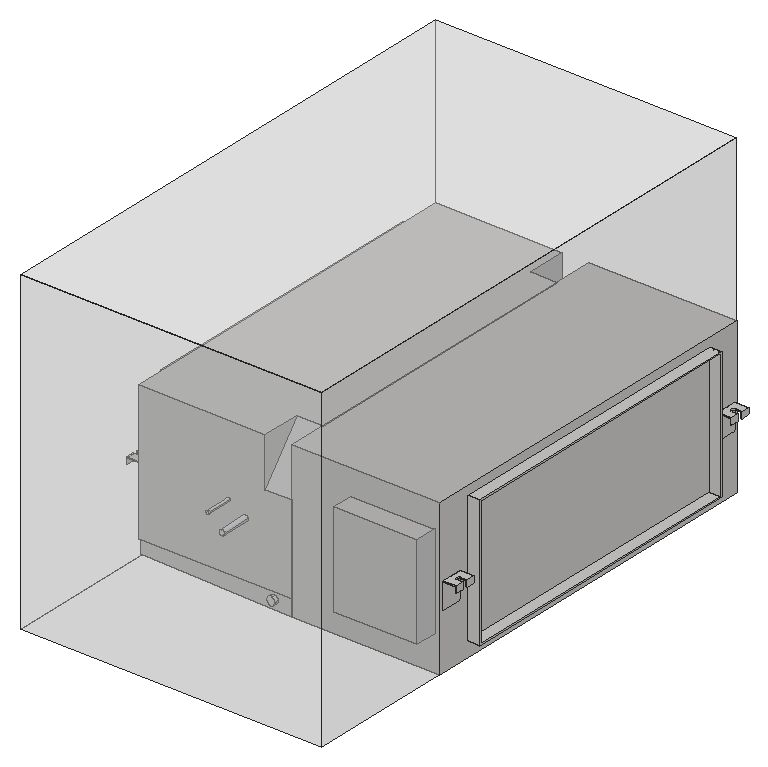
Revit family "outputfile", category 機械設備, Revit 2024
Family settings
  丸型コネクタ寸法 = 半径を使用
  パーツ タイプ = 標準
  OmniClass 番号 = 23.75.10.24.21.27.27
  OmniClass タイトル = Split System Air Conditioning Units
  作業面ベース = いいえ
  常に垂直 = はい
  ロード時にボイドで切り取り = いいえ
  注釈の向きを維持 = いいえ
  共有 = いいえ
  部屋計算ポイント = はい
Parameters (values of type "FXMQ160PV1A")
  Description = ""
  製造元 = "Daikin"
  書き出し IFC クラス(タイプ) = "IfcUnitaryEquipmentType"
  定義済み IFC タイプ(タイプ) = "AIRCONDITIONINGUNIT"
  Cost = 0
  モデル = "FXMQ160PV1A"
  Type Comments = ""
  Keynote = ""
  Type Image = (empty or 0)
  Assembly Code = ""
  lw_suctionflange = 922.0 mm
  r_Liquid Pipe Size = Liquid Pipe Size / 2  # 4.75 mm
  r_Gas Pipe Size = Gas Pipe Size / 2  # 7.95 mm
  r_Drain Pipe Size = Drain Pipe Size / 2  # 12.5 mm
  lw_power = 230.0 mm  # constant formula
  lw_dischargeflange = 58.0 mm  # constant formula
  lh_power = 394.0 mm  # constant formula
  lh_mountinghole1 = lh_mountinghole + [h***]  # 254.0 mm
  lh_dischargeflange = 110.0 mm  # constant formula
  ld_power = 33.5 mm  # constant formula
  ld_dischargeflange = 70.0 mm  # constant formula
  Voltage_comment_50Hz = "220-240"
  Voltage_50Hz = 220 V
  URL = ""
  Supply Air Direction [instance] = yes
  Sound Power Level_H speed (dB) = 0
  Phase_50Hz = 1
  Minimum External Static Pressure = 0.00 Pa
  Minimum Circuit Amps_50Hz = 7.4 A
  Maximum Fuse Amps_50Hz = 15.0 A
  Maximum External Static Pressure = 217.00 Pa
  Material_Casing = DAIKIN_GalvanizedSteel_Casing_indoorunit
  lw_mountinghole = 972.0 mm  # constant formula
  lh_gaspipe = 221.5 mm  # constant formula
  lh_mountinghole = 254.0 mm  # constant formula
  lh_liquidpipe = 254.0 mm  # constant formula
  lh_drainpipe = 30.0 mm  # constant formula
  lh_antena = Height - lh_mountinghole + 1.0 mm  # 217.0 mm
  ld_drainpipe = 10.0 mm  # constant formula
  ld_liquidpipe = 79.0 mm  # constant formula
  ld_gaspipe = 89.0 mm  # constant formula
  ld_mountinghole = 1048.0 mm
  h*** = 0.0 mm  # constant formula
  lw_liquidpipe = 275.0 mm  # constant formula
  lw_gaspipe = 327.5 mm  # constant formula
  lw_drainpipe = 413.5 mm  # constant formula
  Width = 918.5 mm
  Version = "ver.1.0"
  Unit Type = "High Static Pressure Duct Type"
  Unit Mass Weight = 70.00 kg
  Unit Designation [instance] = ""
  Uniclass2015Version = "Products v1.30"
  Uniclass2015Title = "Variable refrigerant flow units"
  Uniclass2015Code = "Pr_70_65_03_94"
  Total Heating Capacity [instance] = 0.000 kW
  Total Cooling Capacity [instance] = 0.000 kW
  Sound Pressure Level_M speed (dBA) = 0
  Sound Pressure Level_L speed (dBA) = 38
  Sound Pressure Level_H speed (dBA) = 45
  Series = "VRV Fan Coil Unit"
  Sensible Cooling Capacity [instance] = 0.000 kW
  SA Duct Size Width = 918.0 mm
  SA Duct Size Height = 350.0 mm
  Refrigerant Type = "R410A"
  RA Duct Size Width = 918.0 mm
  RA Duct Size Height = 392.5 mm
  Power Input (Heating) = 0.650 kW
  Power Input (Cooling) = 0.650 kW
  Option Accessory 3 [instance] = ""
  Option Accessory 2 [instance] = ""
  Option Accessory 1 [instance] = ""
  Nominal Heating Capacity = 20.000 kW
  Nominal Cooling Capacity = 18.000 kW
  Minimum Airflow = 0.00 m³/h
  Median Airflow = 0.00 m³/h
  Maximum Airflow = 4032.00 m³/h
  Load Classification = HVAC
  Liquid Pipe Size = 9.5 mm
  Link_Nested Family [instance] = ""
  IfcVersion = "0"
  IfcExportType = "AIRCONDITIONINGUNIT"
  IfcExportAs = "IfcUnitaryEquipmentType"
  Height = 470.0 mm
  Heating Entering Wet Bulb Temperature [instance] = 0.00 °C
  Heating Entering Dry Bulb Temperature [instance] = 0.00 °C
  Heating Ambient Wet Bulb Temperature [instance] = 0.00 °C
  Heating Ambient Dry Bulb Temperature [instance] = 0.00 °C
  Heat Exchanger Type = "Cross Fin Coil"
  Gas Pipe Size = 15.9 mm
  Frequency_50Hz = 50 Hz
  Fan Type = "Sirocco Fan"
  Fan Drive = "Direct Drive"
  FCU Tag No. [instance] = ""
  Drain Pipe Size = 25.0 mm
  Design Supply Airflow [instance] = 0.00 m³/h
  Design Return Airflow [instance] = 0.00 m³/h
  Design External Static Pressure [instance] = 0.00 Pa
  Depth = 1133.0 mm
  既定の高さ = 0.0 mm
  Cooling Entering Wet Bulb Temperature [instance] = 0.00 °C
  Cooling Entering Dry Bulb Temperature [instance] = 0.00 °C
  Cooling Ambient Wet Bulb Temperature [instance] = 0.00 °C
  Cooling Ambient Dry Bulb Temperature [instance] = 0.00 °C
  Clearance visibility [instance] = yes
  Clearance Top = 500.0 mm
  Clearance Right = 0.0 mm
  Clearance Rear = 0.0 mm
  Clearance Left = 0.0 mm
  Clearance Front = 450.0 mm
  Clearance Bottom = 0.0 mm
Reference planes
  plane 1 "Center (Front/Back)": y = 0
  plane 2 "h": z = 0
  plane 3 "Center (Left/Right)": x = 0
  plane 4 "Back": y = 566.5
  plane 5 "Front": y = -566.5
  plane 6 "Left": x = -459.25
  plane 7 "Reight": x = 459.25
  plane 8 "Top": z = 0
  plane 9 "Bottom": z = -470
  plane 10 "lh_mountinghole": z = -216
  plane 11 "ld_mountinghole1": y = 524
  plane 12: y = 566.5
  plane 13: y = -1016.5
  plane 14: x = -459.25
  plane 15: x = 459.25
  plane 16: z = 500
  plane 17: z = -470
  plane 18: z = -76
  plane 19: x = 7.75
  plane 20: z = -420
  plane 21 "ld_gaspipe": y = -655.5
  plane 22 "ld_liquidpipe": y = -645.5
  plane 23 "lw_liquidpipe": x = -184.25
  plane 24 "lw_gaspipe": x = -131.75
  plane 25 "lh_gaspipe": z = -248.5
  plane 26 "lh_liquidpipe": z = -216
  plane 27 "ld_drainpipe": y = -576.5
  plane 28 "lw_drainpipe": x = -45.75
  plane 29 "lh_drainpipe": z = -440
  plane 30 "ld_mountinghole2": y = -524
  plane 31: x = -486
  plane 32: x = 486
  plane 33: x = 256
  plane 34: y = -600
  plane 35 "lh_power": z = -76
  plane 36 "ld_suctionflange": y = 29.5
  plane 37 "lh_suctionflange": z = -208
  plane 38: y = -633.5
  plane 39: z = -222.75
  plane 40: x = -72.25
Forms (mm)
  Extrusion 1, solid, material "DAIKIN_GalvanizedSteel_Casing_indoorunit" <- "Material_Casing"
    sketch origin (0, 0, 0) x (1, 0, 0) y (0, 1, 0)
      loop
        line (7.75, 566.5) -> (7.75, -566.5) -> (459.25, -566.5) -> (459.25, 566.5) -> (7.75, 566.5)
    from -470 to 0
  Extrusion 2, solid, material "DAIKIN_GalvanizedSteel_Casing_indoorunit" <- "Material_Casing"
    sketch origin (0, 0, 0) x (1, 0, 0) y (0, 1, 0)
      loop
        line (-459.25, 566.5) -> (-459.25, -566.5) -> (7.75, -566.5) -> (7.75, 566.5) -> (-459.25, 566.5)
    from -420 to 0
  Extrusion 3, solid, material "DAIKIN_GalvanizedSteel_Casing_indoorunit" <- "Material_Casing"
    sketch origin (0, 0, 0) x (1, 0, 0) y (0, 0, 1)
      loop
        line (7.75, -470) -> (7.75, -420) -> (-451.25, -420) -> (-451.25, -457) -> (7.75, -470)
    from -566.5 to 566.5
  Extrusion 4, solid
    sketch origin (0, 0, 0) x (1, 0, 0) y (0, 0, 1)
      loop
        circle (-45.75, -440) r 12.5
    from 566.5 to 576.5
  Extrusion 5, solid, material "DAIKIN_GalvanizedSteel_Casing_indoorunit" <- "Material_Casing"
    sketch origin (0, 0, 0) x (1, 0, 0) y (0, 0, 1)
      loop
        line (190.25, -76) -> (190.25, -361) -> (444.25, -361) -> (444.25, -76) -> (190.25, -76)
    from 633.5 to 566.5
  Extrusion 6, solid
    sketch origin (0, 0, 0) x (1, 0, 0) y (0, 0, 1)
      loop
        circle (-184.25, -216) r 4.75
    from 566.5 to 645.5
  Extrusion 7, solid
    sketch origin (0, 0, 0) x (1, 0, 0) y (0, 0, 1)
      loop
        circle (-131.75, -248.5) r 7.95
    from 566.5 to 655.5
  Extrusion 8, void
    sketch origin (0, 0, 0) x (0, 1, 0) y (0, 0, 1)
      loop
        line (-566.5, 0) -> (-566.5, -150) -> (-446.5, 0) -> (-566.5, 0)
      loop
        line (566.5, 0) -> (446.5, 0) -> (566.5, -150) -> (566.5, 0)
    from -72.25 to 7.75
Cuts and joins
  Extrusion 8 cuts Extrusion 1
  Extrusion 8 cuts Extrusion 2
  Extrusion 8 cuts Extrusion 5
Dimensions and locks
  "Height": plane 8 "Top" to plane 9 "Bottom"
  equal spacing: plane 4 "Back", plane 1 "Center (Front/Back)", plane 5 "Front"
  "Depth": plane 4 "Back" to plane 5 "Front"
  equal spacing: plane 6 "Left", plane 3 "Center (Left/Right)", plane 7 "Reight"
  "Width": plane 6 "Left" to plane 7 "Reight"
  "Clearance Left": plane 14 to plane 6 "Left"
  "Clearance Right": plane 7 "Reight" to plane 15
  "Clearance Rear": plane 12 to plane 4 "Back"
  "Clearance Front": plane 5 "Front" to plane 13
  "Clearance Top": plane 16 to plane 8 "Top"
  "Clearance Bottom": plane 9 "Bottom" to plane 17
  "lh_mountinghole": plane 10 "lh_mountinghole" to plane 9 "Bottom"
  "lh_power": plane 18 to plane 9 "Bottom"
  locked: plane 19 to plane 7 "Reight" at 451.5
  locked: plane 8 "Top" to plane 20 at 420
  locked: Extrusion 3 sketch curve to plane 6 "Left" at 8
  locked: plane 20 to Extrusion 3 sketch curve at 37
  "lh_drainpipe": Extrusion 4 sketch curve to plane 9 "Bottom"
  "lw_drainpipe": Extrusion 4 sketch curve to plane 6 "Left"
  "lw_liquidpipe": Extrusion 6 sketch curve to plane 6 "Left"
  "lw_gaspipe": Extrusion 7 sketch curve to plane 6 "Left"
  locked: Extrusion 5 sketch curve to Extrusion 5 sketch curve at 254
  locked: Extrusion 5 sketch curve to Extrusion 5 sketch curve at 285
  locked: Extrusion 5 sketch curve to plane 7 "Reight" at 15
  locked: Extrusion 5 sketch curve to plane 9 "Bottom" at 109
  "ld_gaspipe": plane 5 "Front" to plane 21 "ld_gaspipe"
  "ld_liquidpipe": plane 5 "Front" to plane 22 "ld_liquidpipe"
  "lw_liquidpipe": plane 6 "Left" to plane 23 "lw_liquidpipe"
  "lw_gaspipe": plane 6 "Left" to plane 24 "lw_gaspipe"
  "lh_gaspipe": plane 25 "lh_gaspipe" to plane 9 "Bottom"
  "lh_liquidpipe": plane 26 "lh_liquidpipe" to plane 9 "Bottom"
  "lh_gaspipe": Extrusion 7 sketch curve to plane 9 "Bottom"
  "lh_liquidpipe": Extrusion 6 sketch curve to plane 9 "Bottom"
  "ld_drainpipe": plane 5 "Front" to plane 27 "ld_drainpipe"
  "lw_drainpipe": plane 6 "Left" to plane 28 "lw_drainpipe"
  "lh_drainpipe": plane 29 "lh_drainpipe" to plane 9 "Bottom"
  equal spacing: plane 30 "ld_mountinghole2", plane 1 "Center (Front/Back)", plane 11 "ld_mountinghole1"
  "ld_mountinghole": plane 30 "ld_mountinghole2" to plane 11 "ld_mountinghole1"
  equal spacing: plane 31, plane 3 "Center (Left/Right)", plane 32
  "lw_mountinghole": plane 31 to plane 32
  "lw_power": plane 33 to plane 32
  "ld_power": plane 5 "Front" to plane 34
  "lh_power": plane 35 "lh_power" to plane 9 "Bottom"
  locked: plane 36 "ld_suctionflange" to plane 1 "Center (Front/Back)" at 29.5
  locked: plane 37 "lh_suctionflange" to plane 9 "Bottom" at 262
  locked: plane 5 "Front" to plane 38 at 67
  locked: plane 39 to plane 9 "Bottom" at 247.25
  locked: Extrusion 8 sketch curve to Extrusion 8 sketch curve at 120  (x2)
  locked: Extrusion 8 sketch curve to Extrusion 8 sketch curve at 150  (x2)
  locked: plane 40 to plane 19 at 80
  "r_Gas Pipe Size": radius of Extrusion 7 sketch curve
  "r_Liquid Pipe Size": radius of Extrusion 6 sketch curve
  "r_Drain Pipe Size": radius of Extrusion 4 sketch curve
  aligned and locked: level to plane 2 "h"
  aligned and locked: plane 8 "Top" to Extrusion 1
  aligned and locked: Extrusion 1 to plane 9 "Bottom"
  aligned and locked: nested 1 to plane 7 "Reight"
  aligned and locked: plane 7 "Reight" to nested 1
  aligned and locked: plane 11 "ld_mountinghole1" to nested 2
  aligned and locked: plane 7 "Reight" to nested 2
  aligned and locked: nested 4 to plane 13
  aligned and locked: plane 14 to nested 4
  aligned and locked: plane 15 to nested 4
  aligned and locked: nested 4 to plane 14
  aligned and locked: plane 12 to nested 4
  aligned and locked: plane 16 to nested 4
  aligned and locked: plane 17 to nested 4
  aligned and locked: plane 10 "lh_mountinghole" to nested 1
  aligned and locked: plane 10 "lh_mountinghole" to nested 2
  aligned and locked: Extrusion 1 to plane 19
  aligned and locked: Extrusion 2 sketch curve to plane 4 "Back"
  aligned and locked: Extrusion 2 sketch curve to plane 19
  aligned and locked: plane 6 "Left" to Extrusion 2 sketch curve
  aligned and locked: plane 5 "Front" to Extrusion 2 sketch curve
  aligned and locked: plane 8 "Top" to Extrusion 2
  aligned and locked: Extrusion 2 to plane 20
  aligned and locked: Extrusion 3 sketch curve to plane 20
  aligned and locked: plane 19 to Extrusion 3 sketch curve
  aligned and locked: plane 5 "Front" to Extrusion 3
  aligned and locked: Extrusion 3 to plane 4 "Back"
  aligned and locked: plane 9 "Bottom" to Extrusion 3 sketch curve
  aligned and locked: Extrusion 4 to plane 5 "Front"
  aligned and locked: plane 5 "Front" to Extrusion 6
  aligned and locked: plane 5 "Front" to Extrusion 7
  aligned and locked: Extrusion 7 to plane 21 "ld_gaspipe"
  aligned and locked: Extrusion 6 to plane 22 "ld_liquidpipe"
  aligned and locked: Extrusion 4 to plane 27 "ld_drainpipe"
  aligned and locked: nested 1 to plane 30 "ld_mountinghole2"
  aligned and locked: plane 11 "ld_mountinghole1" to nested 10
  aligned and locked: plane 31 to nested 10
  aligned and locked: nested 6 to plane 30 "ld_mountinghole2"
  aligned and locked: plane 31 to nested 6
  aligned and locked: nested 5 to plane 32
  aligned and locked: nested 5 to plane 30 "ld_mountinghole2"
  aligned and locked: plane 11 "ld_mountinghole1" to nested 11
  aligned and locked: nested 11 to plane 32
  aligned and locked: plane 26 "lh_liquidpipe" to nested 8
  aligned and locked: plane 29 "lh_drainpipe" to nested 9
  aligned and locked: plane 5 "Front" to nested 9
  aligned and locked: plane 25 "lh_gaspipe" to nested 7
  aligned and locked: nested 7 to plane 5 "Front"
  aligned and locked: plane 30 "ld_mountinghole2" to nested 13
  aligned and locked: nested 13 to plane 6 "Left"
  aligned and locked: plane 26 "lh_liquidpipe" to nested 13
  aligned and locked: plane 6 "Left" to nested 14
  aligned and locked: nested 14 to plane 11 "ld_mountinghole1"
  aligned and locked: nested 15 to plane 36 "ld_suctionflange"
  aligned and locked: nested 15 to plane 6 "Left"
  aligned and locked: plane 37 "lh_suctionflange" to nested 15
  aligned and locked: plane 26 "lh_liquidpipe" to nested 14
  aligned and locked: nested 16 to plane 7 "Reight"
  aligned and locked: nested 16 to plane 1 "Center (Front/Back)"
  aligned and locked: Extrusion 5 to plane 38
  aligned and locked: plane 5 "Front" to Extrusion 5
  aligned and locked: plane 33 to nested 12
  aligned and locked: plane 34 to nested 12
  aligned and locked: nested 12 to plane 35 "lh_power"
  aligned and locked: nested 8 to plane 5 "Front"
  aligned and locked: nested 16 to plane 39
  aligned and locked: nested 3 to plane 3 "Center (Left/Right)"
  aligned and locked: plane 1 "Center (Front/Back)" to nested 3
  aligned and locked: Extrusion 8 sketch curve to plane 5 "Front"
  aligned and locked: Extrusion 8 sketch curve to plane 8 "Top"
  aligned and locked: plane 8 "Top" to Extrusion 8 sketch curve
  aligned and locked: Extrusion 8 sketch curve to plane 4 "Back"
  aligned and locked: cut or joined group of Extrusion 2, Extrusion 8 to plane 40
  aligned and locked: plane 19 to cut or joined group of Extrusion 1, Extrusion 8
  aligned and locked: plane 40 to cut or joined group of Extrusion 2, Extrusion 8
  aligned and locked: cut or joined group of Extrusion 2, Extrusion 8 to plane 19
  aligned and locked: level to plane 8 "Top"
Automatic sketch dimensions
  Extrusion 1 sketch curve to plane 5 "Front" = 0.0 mm
  Extrusion 1 sketch curve to plane 19 = 0.0 mm
  Extrusion 1 sketch curve to plane 7 "Reight" = 0.0 mm
  Extrusion 1 sketch curve to plane 4 "Back" = 0.0 mm
Nested families
  nested 1: "daikin_hangerfixture_FXMQ-PV1A" at (459.25, -524, -216), type "daikin_hangerfixture_FXMQ-PV1A"
  nested 2: "daikin_hangerfixture_FXMQ-PV1A" at (459.25, 524, -216), type "daikin_hangerfixture_FXMQ-PV1A"
  nested 3: "daikin_△_symbolicline" at (0, 0, 470) x (0, -1, 0) z (0, 0, 1), built-in parameter 1001364 <- "Height", visible <- "Supply Air Direction", type "daikin_△_symbolicline"
    with length 300.0 mm
  nested 4: "daikin_clearancespace" at (0, -225, 15.119), visible <- "Clearance visibility", show <- "Clearance visibility", Link_Nested Family <- "Link_Nested Family", type "daikin_clearancespace"
    with width 918.5 mm, show yes, height 970.0 mm, depth 1583.0 mm, Link_Nested Family ""
  nested 5: "daikin_mountinghole" at (486, -524, -470), l_antenna <- "lh_antena", Link_Nested Family <- "Link_Nested Family", h_mountinghole <- "lh_mountinghole1", type "daikin_mountinghole"
    with show yes, l_antenna 217.0 mm, h_mountinghole 254.0 mm, Link_Nested Family ""
  nested 6: "daikin_mountinghole" at (-486, -524, -470), l_antenna <- "lh_antena", Link_Nested Family <- "Link_Nested Family", h_mountinghole <- "lh_mountinghole1", type "daikin_mountinghole"
    with show yes, l_antenna 217.0 mm, h_mountinghole 254.0 mm, Link_Nested Family ""
  nested 7: "daikin_connector_rotate2" at (-131.75, -566.5, -248.5), length <- "ld_gaspipe", radius <- "r_Gas Pipe Size", type "daikin_connector_rotate2"
    with radius 7.95 mm, length 89.0 mm, angle_vertical 90.00°, show_face no
  nested 8: "daikin_connector_rotate2" at (-184.25, -566.5, -216), radius <- "r_Liquid Pipe Size", length <- "ld_liquidpipe", type "daikin_connector_rotate2"
    with radius 4.75 mm, length 79.0 mm, angle_vertical 90.00°, show_face no
  nested 9: "daikin_connector_rotate2" at (-45.75, -566.5, -440), length <- "ld_drainpipe", radius <- "r_Drain Pipe Size", type "daikin_connector_rotate2"
    with radius 12.5 mm, length 10.0 mm, angle_vertical 90.00°, show_face no
  nested 10: "daikin_mountinghole" at (-486, 524, -470), h_mountinghole <- "lh_mountinghole1", l_antenna <- "lh_antena", Link_Nested Family <- "Link_Nested Family", type "daikin_mountinghole"
    with show yes, l_antenna 217.0 mm, h_mountinghole 254.0 mm, Link_Nested Family ""
  nested 11: "daikin_mountinghole" at (486, 524, -470), l_antenna <- "lh_antena", Link_Nested Family <- "Link_Nested Family", h_mountinghole <- "lh_mountinghole1", type "daikin_mountinghole"
    with show yes, l_antenna 217.0 mm, h_mountinghole 254.0 mm, Link_Nested Family ""
  nested 12: "daikin_connector_rotate2" at (256, -600, -76) x (1, 0, 0) z (0, -1, 0), type "daikin_connector_rotate2"
    with radius 10.0 mm, length 285.0 mm, angle_vertical 90.00°, show_face no
  nested 13: "daikin_hangerfixture_FXMQ-PV1A2" at (-459.25, -524, -216) x (-1, 0, 0) z (0, 0, 1), type "daikin_hangerfixture_FXMQ-PV1A2"
  nested 14: "daikin_hangerfixture_FXMQ-PV1A2" at (-459.25, 524, -216) x (-1, 0, 0) z (0, 0, 1), type "daikin_hangerfixture_FXMQ-PV1A2"
  nested 15: "daikin_ductflange_FXMQ-PV1A" at (-459.25, 29.5, -385) x (0, -1, 0) z (0, 0, 1), width <- "lw_suctionflange", material <- "Material_Casing", type "daikin_ductflange_FXMQ-PV1A"
    with width 922.0 mm, material DAIKIN_GalvanizedSteel_Casing_indoorunit, height 354.0 mm, depth 39.25 mm
  nested 16: "daikin_ductflange_FXMQ-PV1A" at (459.25, 0, -421) x (0, -1, 0) z (0, 0, 1), width <- "lw_suctionflange", material <- "Material_Casing", type "daikin_ductflange_FXMQ-PV1A"
    with width 922.0 mm, material DAIKIN_GalvanizedSteel_Casing_indoorunit, height 396.5 mm, depth 39.25 mm
Connectors
  piping at (-131.75, -655.5, -248.5), diameter 15.9, driven by "r_Gas Pipe Size"
    settings: on nested 7, index 1, connector inside diameter 609.6 mm, connector length 0.0 mm, flow factor 0, pipe flow 0.00 m³/h, pressure drop 0.0 Pa, fitting loss kfactor 0, connector angle 0.00°, fixture units 0, engagement length 0.0 mm, angle of deflection 0.00°, flow configuration 1, flow direction 2, fitting loss method 0, system type 29, joint type 0, gender type 0, connector reference index -1, connector utility 0, adjustable connector no, is connector primary yes, connector description "Refrigerant Gas Piping"
  piping at (-184.25, -645.5, -216), diameter 9.5, driven by "r_Liquid Pipe Size"
    settings: on nested 8, index 2, connector inside diameter 609.6 mm, connector length 0.0 mm, flow factor 0, pipe flow 0.00 m³/h, pressure drop 0.0 Pa, fitting loss kfactor 0, connector angle 0.00°, fixture units 0, engagement length 0.0 mm, angle of deflection 0.00°, flow configuration 1, flow direction 1, fitting loss method 0, system type 29, joint type 0, gender type 0, connector reference index -1, connector utility 0, adjustable connector no, is connector primary no, connector description "Refrigerant Liquid Piping"
  piping at (-45.75, -576.5, -440), diameter 25, driven by "r_Drain Pipe Size"
    settings: on nested 9, index 3, connector inside diameter 609.6 mm, connector length 0.0 mm, flow factor 0, pipe flow 0.00 m³/h, pressure drop 0.0 Pa, fitting loss kfactor 0, connector angle 0.00°, fixture units 0, engagement length 0.0 mm, angle of deflection 0.00°, flow configuration 1, flow direction 2, fitting loss method 4, system type 16, joint type 0, gender type 0, connector reference index -1, connector utility 0, adjustable connector no, is connector primary no, connector description "Condensate Drain Piping"
  electrical at (256, -600, -361), driven by "Load Classification"
    settings: on nested 12, index 4, voltage 0 V, apparent load 0 VA, apparent load phase1 0 VA, apparent load phase2 0 VA, apparent load phase3 0 VA, power factor 1, load classification "HVAC", number of poles 1, system type 30, power factor state 1, is connector primary yes, connector utility no, sub classification motor no, connector description "Power Supply"
  hvac at (-498.5, 29.5, -208), driven by "SA Duct Size Height", driven by "SA Duct Size Width"
    settings: on nested 15, index 5, duct flow 0.00 m³/h, flow factor 0, pres drop 0.00 Pa, loss coef 0, conn angle 0.00°, conn width 918.0 mm, conn height 350.0 mm, conn diameter 609.6 mm, duct sys type 1, conn prof type 1, flow config 0, flow direction 2, loss method 4, conn ref index -1, conn util no, is conn primary yes, conn desc "SA Duct"
  hvac at (498.5, 0, -222.75), driven by "RA Duct Size Height", driven by "RA Duct Size Width"
    settings: on nested 16, index 6, duct flow 0.00 m³/h, flow factor 0, pres drop 0.00 Pa, loss coef 0, conn angle 0.00°, conn width 918.0 mm, conn height 392.5 mm, conn diameter 609.6 mm, duct sys type 2, conn prof type 1, flow config 0, flow direction 1, loss method 4, conn ref index -1, conn util no, is conn primary no, conn desc "RA Duct"
Definition of nested family "daikin_hangerfixture_FXMQ-PV1A"
  Parameters (values of type "daikin_hangerfixture_FXDSQ-AVM")
    width = 44.0 mm
    material = none
    height = 80.0 mm
    depth = 65.0 mm
    Default Elevation = 0.0 mm
  Reference planes
    plane 1 "Center (Front/Back)": y = 0
    plane 2: z = 0
    plane 3 "Center (Left/Right)": x = 0
    plane 4: y = 417.146
    plane 5: z = -2
    plane 6: z = -65
    plane 7: z = -12
    plane 8: x = 44
    plane 9: y = 32.5
    plane 10: y = -32.5
    plane 11: y = -36
    plane 12: y = 36
    plane 13: z = -80
    plane 14: x = 1.5
    plane 15: x = 14
    plane 16: x = 26
    plane 17: x = 42
  Forms (mm)
    Extrusion 1, solid, material <- "material"
      sketch origin (0, 0, 0) x (1, 0, 0) y (0, 1, 0)
        loop
          line (0, 32.5) -> (0, -32.5) -> (44, -32.5) -> (44, -7.5) -> (26.75, -7.5)
          arc (26.75, -7.5) -> (19.25, 0) -> (26.75, 7.5) r 7.5
          line (26.75, 7.5) -> (44, 7.5) -> (44, 32.5) -> (0, 32.5)
      from -2 to 0
    Extrusion 2, solid, material <- "material"
      sketch origin (0, 0, 0) x (0, 1, 0) y (0, 0, 1)
        loop
          line (32.5, -75.411) -> (32.5, 0) -> (-32.5, 0) -> (-32.5, -75.411)
          arc (-32.5, -75.411) -> (-31.156, -78.656) -> (-27.911, -80) r 4.589
          line (-27.911, -80) -> (27.911, -80)
          arc (27.911, -80) -> (31.156, -78.656) -> (32.5, -75.411) r 4.589
      from 0 to 1.5
    Extrusion 3, solid, material <- "material"
      sketch origin (0, 0, 0) x (0, 1, 0) y (0, 0, 1)
        loop
          line (-7.5, -17.007) -> (-7.5, 0) -> (-32.5, 0) -> (-32.5, -17.007)
          arc (-32.5, -17.007) -> (-31.623, -19.123) -> (-29.507, -20) r 2.993
          line (-29.507, -20) -> (-10.493, -20)
          arc (-10.493, -20) -> (-8.377, -19.123) -> (-7.5, -17.007) r 2.993
        loop
          arc (7.5, -17.007) -> (8.377, -19.123) -> (10.493, -20) r 2.993
          line (10.493, -20) -> (29.507, -20)
          arc (29.507, -20) -> (31.623, -19.123) -> (32.5, -17.007) r 2.993
          line (32.5, -17.007) -> (32.5, 0) -> (7.5, 0) -> (7.5, -17.007)
      from 44 to 42
  Cuts and joins
    joined: Extrusion 1, Extrusion 2, Extrusion 3
  Dimensions and locks
    "width": plane 3 "Center (Left/Right)" to plane 8
    "depth": plane 10 to plane 9
    equal spacing: plane 10, plane 1 "Center (Front/Back)", plane 9
    locked: plane 11 to plane 10 at 3.5
    locked: plane 9 to plane 12 at 3.5
    "height": level to plane 13
    locked: plane 14 to plane 3 "Center (Left/Right)" at 1.5
    plane 3 "Center (Left/Right)" to plane 15 = 14.0 mm
    locked: plane 15 to plane 16 at 12
    plane 3 "Center (Left/Right)" to Extrusion 1 = 44.0 mm
    locked: plane 2 to plane 5 at 2
    locked: plane 8 to plane 17 at 2
    aligned and locked: level to plane 2
    aligned and locked: level to Extrusion 1
    aligned and locked: Extrusion 1 to plane 5
    aligned and locked: Extrusion 1 sketch curve to plane 3 "Center (Left/Right)"
    aligned and locked: Extrusion 1 sketch curve to plane 8  (x2)
    aligned and locked: level to Extrusion 2 sketch curve
    aligned and locked: plane 14 to Extrusion 2
    aligned and locked: Extrusion 3 sketch curve to level
    aligned and locked: level to Extrusion 3 sketch curve
    aligned and locked: plane 9 to Extrusion 1 sketch curve
    aligned and locked: Extrusion 1 sketch curve to plane 10
    aligned and locked: plane 13 to Extrusion 2 sketch curve
    aligned and locked: plane 8 to cut or joined group of Extrusion 1, Extrusion 2, Extrusion 3
    aligned and locked: cut or joined group of Extrusion 1, Extrusion 2, Extrusion 3 to plane 17
  Automatic sketch dimensions
    plane 9 to Extrusion 2 sketch curve = 4.589 mm
    Extrusion 2 sketch curve to plane 10 = 4.589 mm
    Extrusion 2 sketch curve to Extrusion 2 sketch curve = 4.589 mm
    Extrusion 2 sketch curve to plane 9 = 0.0 mm
    plane 10 to Extrusion 3 sketch curve = 0.0 mm
    Extrusion 3 sketch curve to plane 7 = 8.0 mm  (x2)
    Extrusion 3 sketch curve to plane 10 = 2.993 mm
    Extrusion 3 sketch curve to plane 7 = 5.007 mm  (x2)
    plane 1 "Center (Front/Back)" to Extrusion 3 sketch curve = 10.493 mm
    Extrusion 3 sketch curve to plane 1 "Center (Front/Back)" = 7.5 mm
    plane 9 to Extrusion 3 sketch curve = 2.993 mm
    Extrusion 3 sketch curve to plane 9 = 0.0 mm
    plane 1 "Center (Front/Back)" to Extrusion 1 sketch curve = 0.0 mm
    plane 16 to Extrusion 1 sketch curve = 0.75 mm
    Extrusion 1 sketch curve to plane 1 "Center (Front/Back)" = 7.5 mm
Definition of nested family "daikin_clearancespace"
  Parameters (values of type "daikin_clearancespace")
    width [instance] = 1823.963 mm
    show [instance] = yes
    material = none
    height [instance] = 1359.762 mm
    depth [instance] = 880.0 mm
    Default Elevation = 0.0 mm
    Link_Nested Family [instance] = ""
  Reference planes
    plane 1 "Center (Front/Back)": y = 0
    plane 2 "Center (Elevation)": z = -0.119
    plane 3 "Center (Left/Right)": x = 0
    plane 4: y = 440
    plane 5: y = -440
    plane 6 "Right": x = 911.982
    plane 7 "Left": x = -911.982
    plane 8 "Top": z = 679.762
    plane 9 "Bottom": z = -680
  Forms (mm)
    Extrusion 1, solid, material <- "material", visible <- "show"
      sketch origin (0, 0, 0) x (1, 0, 0) y (0, 1, 0)
        loop
          line (-911.982, 440) -> (-911.982, -440) -> (911.982, -440) -> (911.982, 440) -> (-911.982, 440)
      from -680 to 679.762
  Lines and regions (mm)
    symbolic lines, visible <- "show"
      curve 1: line (911.982, 440, 0) -> (-911.982, 440, 0)
      curve 2: line (-911.982, 440, 0) -> (-911.982, -440, 0)
      curve 3: line (-911.982, -440, 0) -> (911.982, -440, 0)
      curve 4: line (911.982, -440, 0) -> (911.982, 440, 0)
      curve 5: line (911.982, 0, 679.762) -> (-911.982, 0, 679.762)
      curve 6: line (911.982, 0, -680) -> (911.982, 0, 679.762)
      curve 7: line (-911.982, 0, -680) -> (911.982, 0, -680)
      curve 8: line (-911.982, 0, 679.762) -> (-911.982, 0, -680)
      curve 9: line (0, 440, 679.762) -> (0, -440, 679.762)
      curve 10: line (0, -440, 679.762) -> (0, -440, -680)
      curve 11: line (0, 440, -680) -> (0, 440, 679.762)
      curve 12: line (0, -440, -680) -> (0, 440, -680)
  Dimensions and locks
    "width": plane 7 "Left" to plane 6 "Right"
    "depth": plane 4 to plane 5
    "height": plane 8 "Top" to plane 9 "Bottom"
    equal spacing: plane 7 "Left", plane 3 "Center (Left/Right)", plane 6 "Right"
    equal spacing: plane 4, plane 1 "Center (Front/Back)", plane 5
    equal spacing: plane 8 "Top", plane 2 "Center (Elevation)", plane 9 "Bottom"
    aligned and locked: level to plane 2 "Center (Elevation)"
    aligned and locked: Extrusion 1 sketch curve to plane 4
    aligned and locked: plane 7 "Left" to Extrusion 1 sketch curve
    aligned and locked: Extrusion 1 sketch curve to plane 5
    aligned and locked: Extrusion 1 sketch curve to plane 6 "Right"
    aligned and locked: plane 8 "Top" to Extrusion 1
    aligned and locked: curve 1 to Extrusion 1
    aligned and locked: curve 2 to Extrusion 1
    aligned and locked: curve 3 to Extrusion 1
    aligned and locked: curve 4 to Extrusion 1
    aligned and locked: curve 5 to Extrusion 1
    aligned and locked: curve 6 to Extrusion 1
    aligned and locked: curve 7 to Extrusion 1
    aligned and locked: curve 8 to Extrusion 1
    aligned and locked: curve 9 to Extrusion 1
    aligned and locked: curve 10 to Extrusion 1
    aligned and locked: curve 11 to Extrusion 1
    aligned and locked: curve 12 to Extrusion 1
    aligned and locked: Extrusion 1 to plane 9 "Bottom"
Definition of nested family "daikin_hangerfixture_FXMQ-PV1A2"
  Parameters (values of type "daikin_hangerfixture_FXDSQ-AVM2")
    width = 44.0 mm
    material = none
    height = 204.0 mm
    depth = 65.0 mm
    Default Elevation = 0.0 mm
  Reference planes
    plane 1 "Center (Front/Back)": y = 0
    plane 2: z = 0
    plane 3 "Center (Left/Right)": x = 0
    plane 4: y = 417.146
    plane 5: z = -2
    plane 6: z = -65
    plane 7: z = -12
    plane 8: x = 44
    plane 9: y = 32.5
    plane 10: y = -32.5
    plane 11: y = -36
    plane 12: y = 36
    plane 13: z = -204
    plane 14: x = 1.5
    plane 15: x = 14
    plane 16: x = 26
    plane 17: x = 42
  Forms (mm)
    Extrusion 1, solid, material <- "material"
      sketch origin (0, 0, 0) x (1, 0, 0) y (0, 1, 0)
        loop
          line (0, 32.5) -> (0, -32.5) -> (44, -32.5) -> (44, -7.5) -> (26.75, -7.5)
          arc (26.75, -7.5) -> (19.25, 0) -> (26.75, 7.5) r 7.5
          line (26.75, 7.5) -> (44, 7.5) -> (44, 32.5) -> (0, 32.5)
      from -2 to 0
    Extrusion 2, solid, material <- "material"
      sketch origin (0, 0, 0) x (0, 1, 0) y (0, 0, 1)
        loop
          line (32.5, -199.411) -> (32.5, 0) -> (-32.5, 0) -> (-32.5, -199.411)
          arc (-32.5, -199.411) -> (-31.156, -202.656) -> (-27.911, -204) r 4.589
          line (-27.911, -204) -> (27.911, -204)
          arc (27.911, -204) -> (31.156, -202.656) -> (32.5, -199.411) r 4.589
      from 0 to 1.5
    Extrusion 3, solid, material <- "material"
      sketch origin (0, 0, 0) x (0, 1, 0) y (0, 0, 1)
        loop
          line (-7.5, -17.007) -> (-7.5, 0) -> (-32.5, 0) -> (-32.5, -17.007)
          arc (-32.5, -17.007) -> (-31.623, -19.123) -> (-29.507, -20) r 2.993
          line (-29.507, -20) -> (-10.493, -20)
          arc (-10.493, -20) -> (-8.377, -19.123) -> (-7.5, -17.007) r 2.993
        loop
          arc (7.5, -17.007) -> (8.377, -19.123) -> (10.493, -20) r 2.993
          line (10.493, -20) -> (29.507, -20)
          arc (29.507, -20) -> (31.623, -19.123) -> (32.5, -17.007) r 2.993
          line (32.5, -17.007) -> (32.5, 0) -> (7.5, 0) -> (7.5, -17.007)
      from 44 to 42
  Cuts and joins
    joined: Extrusion 1, Extrusion 2, Extrusion 3
  Dimensions and locks
    "width": plane 3 "Center (Left/Right)" to plane 8
    "depth": plane 10 to plane 9
    equal spacing: plane 10, plane 1 "Center (Front/Back)", plane 9
    locked: plane 11 to plane 10 at 3.5
    locked: plane 9 to plane 12 at 3.5
    "height": level to plane 13
    locked: plane 14 to plane 3 "Center (Left/Right)" at 1.5
    plane 3 "Center (Left/Right)" to plane 15 = 14.0 mm
    locked: plane 15 to plane 16 at 12
    plane 3 "Center (Left/Right)" to Extrusion 1 = 44.0 mm
    locked: plane 2 to plane 5 at 2
    locked: plane 8 to plane 17 at 2
    aligned and locked: level to plane 2
    aligned and locked: level to Extrusion 1
    aligned and locked: Extrusion 1 to plane 5
    aligned and locked: Extrusion 1 sketch curve to plane 3 "Center (Left/Right)"
    aligned and locked: Extrusion 1 sketch curve to plane 8  (x2)
    aligned and locked: level to Extrusion 2 sketch curve
    aligned and locked: plane 14 to Extrusion 2
    aligned and locked: Extrusion 3 sketch curve to level
    aligned and locked: level to Extrusion 3 sketch curve
    aligned and locked: plane 9 to Extrusion 1 sketch curve
    aligned and locked: Extrusion 1 sketch curve to plane 10
    aligned and locked: plane 13 to Extrusion 2 sketch curve
    aligned and locked: plane 8 to cut or joined group of Extrusion 1, Extrusion 2, Extrusion 3
    aligned and locked: cut or joined group of Extrusion 1, Extrusion 2, Extrusion 3 to plane 17
  Automatic sketch dimensions
    plane 9 to Extrusion 2 sketch curve = 4.589 mm
    Extrusion 2 sketch curve to plane 10 = 4.589 mm
    Extrusion 2 sketch curve to Extrusion 2 sketch curve = 4.589 mm
    Extrusion 2 sketch curve to plane 9 = 0.0 mm
    plane 10 to Extrusion 3 sketch curve = 0.0 mm
    Extrusion 3 sketch curve to plane 7 = 8.0 mm  (x2)
    Extrusion 3 sketch curve to plane 10 = 2.993 mm
    Extrusion 3 sketch curve to plane 7 = 5.007 mm  (x2)
    plane 1 "Center (Front/Back)" to Extrusion 3 sketch curve = 10.493 mm
    Extrusion 3 sketch curve to plane 1 "Center (Front/Back)" = 7.5 mm
    plane 9 to Extrusion 3 sketch curve = 2.993 mm
    Extrusion 3 sketch curve to plane 9 = 0.0 mm
    plane 1 "Center (Front/Back)" to Extrusion 1 sketch curve = 0.0 mm
    plane 16 to Extrusion 1 sketch curve = 0.75 mm
    Extrusion 1 sketch curve to plane 1 "Center (Front/Back)" = 7.5 mm
Definition of nested family "daikin_ductflange_FXMQ-PV1A"
  Parameters (values of type "daikin_ductflange_CeilingMountedDuct")
    width [instance] = 922.0 mm
    material [instance] = none
    height [instance] = 354.0 mm
    depth [instance] = 39.3 mm
    Default Elevation = 0.0 mm
  Reference planes
    plane 1 "Center (Front/Back)": y = 0
    plane 2: z = 0
    plane 3 "Center (Left/Right)": x = 0
    plane 4: y = -39.3
    plane 5: x = -461
    plane 6: x = 461
    plane 7 "Top": z = 354
    plane 8 "Center (Elevation)": z = 177
  Forms (mm)
    Extrusion 1, solid, material <- "material"
      sketch origin (0, 0, 0) x (1, 0, 0) y (0, 0, 1)
        loop
          line (-461, 354) -> (-461, 0) -> (461, 0) -> (461, 354) -> (-461, 354)
        loop
          line (-459, 352) -> (-459, 2) -> (459, 2) -> (459, 352) -> (-459, 352)
      from 0 to 39.3
  Dimensions and locks
    "height": plane 7 "Top" to plane 2
    "width": plane 5 to plane 6
    equal spacing: plane 5, plane 3 "Center (Left/Right)", plane 6
    "depth": plane 1 "Center (Front/Back)" to plane 4
    equal spacing: plane 7 "Top", plane 8 "Center (Elevation)", plane 2
    locked: plane 7 "Top" to Extrusion 1 sketch curve at 2
    locked: Extrusion 1 sketch curve to level at 2
    locked: Extrusion 1 sketch curve to plane 5 at 2
    locked: plane 6 to Extrusion 1 sketch curve at 2
    aligned and locked: level to plane 2
    aligned and locked: Extrusion 1 sketch curve to plane 7 "Top"
    aligned and locked: plane 5 to Extrusion 1 sketch curve
    aligned and locked: Extrusion 1 sketch curve to plane 6
    aligned and locked: plane 2 to Extrusion 1 sketch curve
    aligned and locked: Extrusion 1 to plane 4
Definition of nested family "daikin_△_symbolicline"
  Parameters (values of type "daikin_△_symbolicline")
    length [instance] = 200.0 mm
    Default Elevation = 0.0 mm
  Reference planes
    plane 1 "Center (Front/Back)": y = 0
    plane 2: z = 0
    plane 3 "Center (Left/Right)": x = 0
  Lines and regions (mm)
    symbolic lines
      curve 1: line (0, -173.205, 0) -> (100, 0, 0)
      curve 2: line (100, 0, 0) -> (-100, 0, 0)
      curve 3: line (-100, 0, 0) -> (0, -173.205, 0)
  Dimensions and locks
    equal spacing: curve 3, plane 3 "Center (Left/Right)", curve 2
    "length": curve 3 to curve 2
    "length": curve 3 to curve 3
    "length": curve 1 to curve 1
    aligned and locked: level to plane 2
    aligned and locked: curve 2 to plane 1 "Center (Front/Back)"
    aligned and locked: plane 3 "Center (Left/Right)" to curve 3
Definition of nested family "daikin_mountinghole"
  Parameters (values of type "daikin_mountinghole")
    Default Elevation = 1219.2 mm
    Type Comments = "mountinghole"
    show [instance] = yes
    material = none
    l_centerline = 100.0 mm
    l_antenna [instance] = 100.0 mm
    h_mountinghole [instance] = 0.0 mm
    d_circle = 30.0 mm
    Link_Nested Family [instance] = ""
  Reference planes
    plane 1 "Center (Front/Back)": y = 0
    plane 2: z = 0
    plane 3 "Center (Left/Right)": x = 0
    plane 4: y = 50
    plane 5: x = -50
    plane 6: x = 50
    plane 7: y = -50
    plane 8 "h_mountinghole": z = 0
    plane 9: z = 100
  Lines and regions (mm)
    model lines, detail levels fine
      curve 1: circle (0, 0, 0) r 15 normal (0, 0, 1)
      curve 2: line (-50, 0, 0) -> (50, 0, 0)
      curve 3: line (0, 50, 0) -> (0, -50, 0)
    symbolic lines, detail levels fine
      curve 4: circle (0, 0, 0) r 15 normal (0, 0, 1)
      curve 5: line (-50, 0, 0) -> (50, 0, 0)
      curve 6: line (0, 50, 0) -> (0, -50, 0)
    model lines
      curve 7: line (0, 0, 100) -> (0, 0, 0)
  Dimensions and locks
    equal spacing: plane 4, plane 1 "Center (Front/Back)", plane 7
    "l_centerline": plane 4 to plane 7
    equal spacing: plane 5, plane 3 "Center (Left/Right)", plane 6
    "l_centerline": plane 5 to plane 6
    "l_antenna": plane 9 to plane 8 "h_mountinghole"
    "h_mountinghole": plane 8 "h_mountinghole" to plane 2
    "d_circle": diameter of curve 1
    "d_circle": diameter of curve 4
    aligned and locked: level to plane 2
    aligned and locked: plane 1 "Center (Front/Back)" to curve 1
    aligned and locked: plane 3 "Center (Left/Right)" to curve 1
    aligned and locked: plane 1 "Center (Front/Back)" to curve 2
    aligned and locked: curve 3 to plane 3 "Center (Left/Right)"
    aligned and locked: plane 6 to curve 2
    aligned and locked: plane 5 to curve 2
    aligned and locked: plane 4 to curve 3
    aligned and locked: plane 7 to curve 3
    aligned and locked: plane 1 "Center (Front/Back)" to curve 4
    aligned and locked: plane 3 "Center (Left/Right)" to curve 4
    aligned and locked: plane 6 to curve 5
    aligned and locked: plane 5 to curve 5
    aligned and locked: plane 1 "Center (Front/Back)" to curve 5
    aligned and locked: plane 4 to curve 6
    aligned and locked: plane 7 to curve 6
    aligned and locked: curve 6 to plane 3 "Center (Left/Right)"
    aligned and locked: curve 7 to plane 3 "Center (Left/Right)"
    aligned and locked: plane 9 to curve 7
    aligned and locked: plane 8 "h_mountinghole" to curve 7
Definition of nested family "daikin_connector_rotate2"
  Parameters (values of type "daikin_connector_rotate2")
    show_face = yes
    radius [instance] = 10.0 mm
    length [instance] = 600.0 mm
    d_surface = 10.0 mm
    angle_vertical [instance] = 90.00°
    Default Elevation = 0.0 mm
  Reference planes
    plane 1 "Center (Front/Back)": y = 0
    plane 2: z = 0
    plane 3 "Center (Left/Right)": x = 0
  Forms (mm)
    Extrusion 1, solid, visible <- "show_face"
      sketch origin (0, -600, 0) x (1, 0, 0) y (0, 0, 1)
        loop
          circle (0, 0) r 10
      from 0 to -10
  Lines and regions (mm)
    reference lines
      curve 1: line (0, 0, 0) -> (0, -600, 0)
    symbolic lines
      curve 2: circle (0, 0, 0) r 5 normal (0, 0, 1)
    model lines, visible <- "show_face"
      curve 3: line (0, 0, 0) -> (0, -600, 0)
  Dimensions and locks
    "length": curve 1 to curve 1
    "length": curve 3 to curve 3
    "d_surface": Extrusion 1 to Extrusion 1
    "radius": radius of Extrusion 1 sketch curve
    "angle_vertical": angle curve 1 to plane 1 "Center (Front/Back)"
    "angle_vertical": angle curve 3 to plane 1 "Center (Front/Back)"
    aligned and locked: level to plane 2
    aligned and locked: plane 1 "Center (Front/Back)" to curve 1
    aligned and locked: plane 2 to curve 1
    aligned and locked: plane 1 "Center (Front/Back)" to curve 2
    aligned and locked: plane 3 "Center (Left/Right)" to curve 2
    aligned and locked: plane 1 "Center (Front/Back)" to curve 3
    aligned and locked: plane 2 to curve 3
    aligned and locked: Extrusion 1 to Extrusion 1
  Automatic sketch dimensions
    Extrusion 1 sketch curve to level = 0.0 mm
    Extrusion 1 sketch curve to plane 3 "Center (Left/Right)" = 0.0 mm
    radius of curve 2 = 5.0 mm
